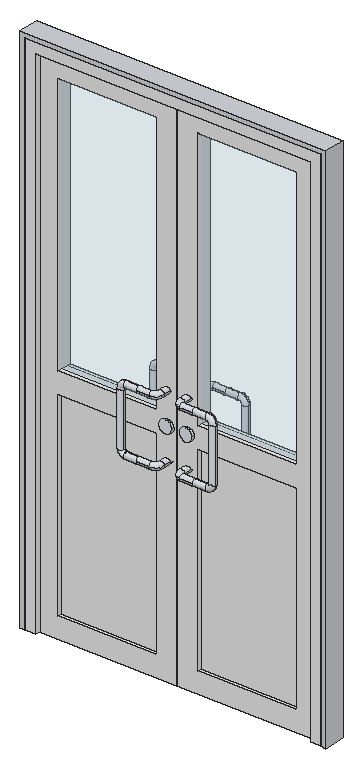
Revit family "AC_Дверь_Двупольная_ПВХ", category Двери, Revit 2019
Family settings
  Основа = Стена
  Номер OmniClass = 23.30.10.00
  Заголовок OmniClass = Doors
  Всегда вертикально = Да
  При загрузке вырезать с полостями = Нет
  Общий = Нет
  Точка расчета площади = Нет
Parameters
  Четверть_Верх [instance] = 40 mm
  Четверть [instance] = no
  Четверть_Сверху [instance] = if(Четверть, Четверть_Верх, 0 mm)  # 0 mm
  Четверть_Сбоку [instance] = if(Четверть, Четверть_Ширина, 0 mm)  # 0 mm
  Четверть_Ширина [instance] = 40 mm
  Функция = Наружные слои
  Угол плане 30 [instance] = yes
  Тип полотна двери 2 = АС-Полотно : Глухой низ
  Тип полотна двери 1 = АС-Полотно : Глухой низ
  Ручка полотна 2 = yes
  Ручка полотна 1 = yes
  Ручка двери = none
  Рама двери2_Ширина справа = 80 mm
  Рама двери2_Ширина слева = 80 mm
  Рама двери2_Ширина внизу = 80 mm
  Рама двери2_Ширина вверху = 80 mm
  Рама двери1_Ширина справа = 80 mm
  Рама двери1_Ширина слева = 80 mm
  Рама двери1_Ширина внизу = 80 mm
  Рама двери1_Ширина вверху = 80 mm
  Рама двери = none
  Равные полотна = yes
  Полотно2_Ширина = Rough Width - Полотно1_Размер - Коробка_Ширина * 2  # 550 mm
  Полотна_Высота = Rough Height - Коробка_Ширина  # 2050 mm
  Полотно1_Ширина = 400 mm
  Полотно1_Размер = if(Равные полотна, Полотна_Ширина / 2, Полотно1_Ширина)  # 550 mm
  Полотна_Ширина = Rough Width - Коробка_Ширина * 2  # 1100 mm
  Аналитическая конструкция = "<Нет>"
  ADSK_Обозначение = "ГОСТ 30970-2014"
  Наличник двери = none
  ADSK_Наименование = "ДПН О Дп Р 2080х1160"
  Монтажный зазор_Верх [instance] = 20 mm
  Коробка_Ширина = 30 mm
  Коробка_Толщина = 80 mm
  Полотно двери = none
  Остекление двери = none
  Наличник_Ширина [instance] = 60 mm
  Наличник_Толщина [instance] = 10 mm
  Наличник снаружи [instance] = no
  Наличник внутри [instance] = no
  Монтажный зазор_Справа и Слева [instance] = 20 mm
  Вставка_Четверть_Глубина [instance] = 0 mm
  Инструкция по семейству [instance] = ""
  Защитное ограждение = no
  Огибание наружных слоев [instance] = 0 mm
  Width [instance] = Rough Width + Монтажный зазор_Справа и Слева * 2  # 1200 mm
  Thickness = 60 mm
  Rough Width = 1160 mm
  Rough Height = 2080 mm
  Model = ""
  Manufacturer = ""
  Wall Closure = (empty or 0)
  Height [instance] = Rough Height + Монтажный зазор_Верх  # 2100 mm
  Описание = "Дверь ПВХ остекленная наружная входная"
  Тип конструкций = "Дверь ПВХ"
  ADSK_Этаж [instance] = ""
  ADSK_Толщина стены [instance] = 600 mm
  ADSK_Примечание [instance] = ""
  ADSK_Предел огнестойкости = ""
  ADSK_Позиция [instance] = ""
  ADSK_Открывание = if(Равные полотна, "Равные полотна", if(Полотно1_Ширина > Полотно2_Ширина, "Левая", "Правая"))  # "Равные полотна"
  ADSK_Откосы_Глубина [instance] = 520 mm
  ADSK_Наименование краткое = ""
  ADSK_Масса_Текст = ""
  ADSK_Количество [instance] = 0
  ADSK_Код изделия = ""
  ADSK_Зона [instance] = ""
  ADSK_Завод-изготовитель = ""
  ADSK_Единица измерения = ""
  ADSK_Группирование [instance] = ""
  ADSK_Версия Revit = "v2019"  # constant formula
  ADSK_URL страницы изделия = ""
  ADSK_URL документации изделия = ""
Reference planes
  plane 1: y = 0
  plane 2 "По центру (Влево/Вправо)": x = 0
  plane 3 "Слева": x = -600
  plane 4 "Справа": x = 600
  plane 5: z = 2100
  plane 6 "Наружный": y = 300
  plane 7 "Внутренние": y = -300
  plane 8 "Вставка двери": y = 300
  plane 9 "Четверть слева": x = -600
  plane 10 "Четверть справа": x = 600
  plane 11 "Четверть сверху": z = 2100
  plane 12 "Полотно двери": y = 240
  plane 13 "Рама внутри": y = 220
  plane 14 "Монтажный зазор слева": x = -580
  plane 15 "Монтажный зазор справа": x = 580
  plane 16 "Монтажный зазор сверху": z = 2080
  plane 17 "Глубина огибания наружного слоя": y = 300
  plane 18: y = 310
  plane 19: x = 590
  plane 20: y = -310
  plane 21: x = -590
  plane 22: x = -550
  plane 23: x = 550
  plane 24: z = 1025
  plane 25 "Верх полотна": z = 2050
  plane 26 "Разделение полотен": x = 0
Forms (mm)
  Extrusion 1, void
    sketch origin (0, 0, 0) x (1, 0, 0) y (0, 1, 0)
      loop
        line (600, 300) -> (-600, 300) -> (-600, -800) -> (600, -800) -> (600, 300)
    from 0 to 2100
  Extrusion 2, void
    sketch origin (0, 0, 0) x (1, 0, 0) y (0, 1, 0)
      loop
        line (600, 800) -> (-600, 800) -> (-600, 300) -> (600, 300) -> (600, 800)
    from 0 to 2100
  Sweep 3, solid, material <- "Наличник двери", visible <- "Наличник снаружи", detail levels fine
    path origin (0, 300, 0) x (1, 0, 0) y (0, 0, 1)
      loop
        line (-600, 0) -> (-600, 2100) -> (600, 2100) -> (600, 0)
    profile origin (-600, 300, 1050) x (-1, 0, 0) y (0, -1, 0)
      loop
        line (-10, 0) -> (-10, -5)
        arc (-10, -5) -> (-8.536, -8.536) -> (-5, -10) r 5
        line (-5, -10) -> (45, -10)
        arc (45, -10) -> (48.536, -8.536) -> (50, -5) r 5
        line (50, -5) -> (50, 0) -> (-10, 0)
  Sweep 4, solid, material <- "Наличник двери", visible <- "Наличник внутри", detail levels fine
    path origin (0, -300, 0) x (1, 0, 0) y (0, 0, 1)
      loop
        line (-600, 0) -> (-600, 2100) -> (600, 2100) -> (600, 0)
    profile origin (-600, -300, 1050) x (-1, 0, 0) y (0, -1, 0)
      loop
        line (-20, 0) -> (40, 0) -> (40, 5)
        arc (40, 5) -> (38.536, 8.536) -> (35, 10) r 5
        line (35, 10) -> (-15, 10)
        arc (-15, 10) -> (-18.536, 8.536) -> (-20, 5) r 5
        line (-20, 5) -> (-20, 0)
  Sweep 5, solid, material <- "Рама двери", detail levels medium+fine
    path origin (0, 300, 0) x (-1, 0, 0) y (0, 0, 1)
      loop
        line (580, 0) -> (580, 2080) -> (-580, 2080) -> (-580, 0)
    profile origin (580, 300, 1040) x (0, 1, 0) y (-1, 0, 0)
      loop
        line (0, 0) -> (0, 30) -> (-60, 30) -> (-60, 40) -> (-80, 40) -> (-80, 0) -> (0, 0)
  Sweep 6, solid, material <- "Наличник двери", visible <- "Наличник внутри", detail levels fine
    path origin (0, 220, 0) x (-1, 0, 0) y (0, 0, 1)
      loop
        line (600, 0) -> (600, 2100) -> (-600, 2100) -> (-600, 0)
    profile origin (-600, 220, 1050) x (1, 0, 0) y (0, 1, 0)
      loop
        line (0, -525) -> (20, -525) -> (20, 0) -> (0, 0) -> (0, -525)
  Sweep 7, solid, material <- "Наличник двери", visible <- "Наличник снаружи", detail levels fine
    path origin (0, 300, 0) x (-1, 0, 0) y (0, 0, 1)
      loop
        line (600, 0) -> (600, 2100) -> (-600, 2100) -> (-600, 0)
    profile origin (600, 300, 1050) x (0, 1, 0) y (-1, 0, 0)
      loop
        line (5, 0) -> (5, 10) -> (0, 10) -> (0, 0) -> (5, 0)
  Extrusion 8, solid, material <- "Рама двери", detail levels medium+fine
    sketch origin (-2514.822, 300, 1200) x (-1, 0, 0) y (0, 0, 1)
      loop
        line (-3114.822, 900) -> (-3114.822, -1200) -> (-3094.822, -1200) -> (-3094.822, 880) -> (-1934.822, 880) -> (-1934.822, -1200) -> (-1914.822, -1200) -> (-1914.822, 900) -> (-3114.822, 900)
    from 0 to -80
  Extrusion 9, solid, material <- "Полотно двери", detail levels coarse
    sketch origin (0, 0, 0) x (1, 0, 0) y (0, 1, 0)
      loop
        line (-600, 300) -> (-600, 220) -> (600, 220) -> (600, 300) -> (-600, 300)
    from 0 to 2100
Cuts and joins
  joined: Sweep 4, Sweep 6
  joined: Sweep 3, Sweep 7
Lines and regions (mm)
  Masking region 1, detail levels fine
    outline origin (0, 0, 0) x (0, 1, 0) y (0, 0, 1)
      loop
        line (220, 2040) -> (240, 2040) -> (240, 2050) -> (300, 2050) -> (300, 2080) -> (220, 2080) -> (220, 2040)
  Masking region 2, detail levels fine
    outline origin (0, 0, 0) x (0, 1, 0) y (0, 0, 1)
      loop
        line (300, 2080) -> (300, 2100) -> (220, 2100) -> (220, 2080) -> (300, 2080)
  Masking region 3, detail levels fine
    outline origin (0, 0, 0) x (0, 1, 0) y (0, 0, 1)
      loop
        line (300, 0) -> (300, 2050) -> (240, 2050) -> (240, 0) -> (300, 0)
  Masking region 4, detail levels fine
    outline origin (0, 0, 0) x (0, 1, 0) y (0, 0, 1)
      loop
        line (220, 2040) -> (220, 0) -> (240, 0) -> (240, 2040) -> (220, 2040)
  Masking region 5, detail levels coarse+medium
    outline origin (0, 0, 0) x (0, 1, 0) y (0, 0, 1)
      loop
        line (300, 0) -> (300, 2100) -> (220, 2100) -> (220, 0) -> (300, 0)
  symbolic lines, style "Открывание", detail levels medium
    curve 1: line (-550, 300, 0) -> (0, 300, 1025)
    curve 2: line (0, 300, 1025) -> (-550, 300, 2050)
  symbolic lines, style "Открывание", not visible, detail levels medium
    curve 3: line (550, 300, 0) -> (0, 300, 1025)
    curve 4: line (0, 300, 1025) -> (550, 300, 2050)
Text (mm)
  text "Наружный" at (-2295.016, 1099.543, 0), in view "Опорный уровень "
  text "Наружный" at (0, 1615.38, 3698.081), in view "Слева"
  text "Наружный" at (0, 1036.032, 3874.932), in view "Справа"
Dimensions and locks
  equal spacing: plane 14 "Монтажный зазор слева", plane 2 "По центру (Влево/Вправо)", plane 15 "Монтажный зазор справа"
  "Width": plane 3 "Слева" to plane 4 "Справа"
  "Rough Height": host wall to plane 16 "Монтажный зазор сверху"
  "Height": host wall to plane 5
  locked: plane 6 "Наружный" to host wall at 0
  locked: plane 7 "Внутренние" to host wall
  locked: Extrusion 1 sketch curve to plane 7 "Внутренние" at 500
  "Четверть_Сбоку": plane 3 "Слева" to plane 9 "Четверть слева"
  "Четверть_Сбоку": plane 10 "Четверть справа" to plane 4 "Справа"
  "Четверть_Сверху": plane 11 "Четверть сверху" to plane 5
  locked: plane 6 "Наружный" to Extrusion 2 sketch curve at 500
  "Вставка_Четверть_Глубина": plane 6 "Наружный" to plane 8 "Вставка двери"
  "Наличник_Ширина": Sweep 3 sketch curve to plane 21
  "Коробка_Толщина": plane 8 "Вставка двери" to plane 13 "Рама внутри"
  "Thickness": plane 8 "Вставка двери" to plane 12 "Полотно двери"
  "Огибание наружных слоев": plane 6 "Наружный" to plane 17 "Глубина огибания наружного слоя"
  "Наличник_Ширина": Sweep 4 sketch curve to Sweep 4 sketch curve
  locked: Sweep 4 sketch curve to Sweep 4 sketch curve at 5  (x4)
  locked: Sweep 3 sketch curve to Sweep 3 sketch curve at 5
  "Коробка_Ширина": Sweep 5 sketch curve to profile plane
  locked: Sweep 5 sketch curve to Sweep 5 sketch curve at 10
  locked: Sweep 6 sketch curve to plane 20 at 5
  "Наличник_Толщина": plane 7 "Внутренние" to plane 20
  "Наличник_Толщина": plane 18 to plane 6 "Наружный"
  "Наличник_Толщина": plane 9 "Четверть слева" to plane 21
  "Наличник_Толщина": plane 19 to plane 10 "Четверть справа"
  locked: plane 18 to Sweep 3 sketch curve at 5  (x2)
  locked: Sweep 3 sketch curve to plane 21 at 5
  locked: plane 18 to Sweep 7 sketch curve at 5
  "ADSK_Откосы_Глубина": plane 7 "Внутренние" to plane 13 "Рама внутри"
  equal spacing: plane 3 "Слева", plane 2 "По центру (Влево/Вправо)", plane 4 "Справа"
  "Rough Width": plane 14 "Монтажный зазор слева" to plane 15 "Монтажный зазор справа"
  "Коробка_Ширина": plane 14 "Монтажный зазор слева" to plane 22
  "Коробка_Ширина": plane 23 to plane 15 "Монтажный зазор справа"
  equal spacing: level, plane 24, plane 25 "Верх полотна"
  "Коробка_Ширина": plane 25 "Верх полотна" to plane 16 "Монтажный зазор сверху"
  "Полотно1_Размер": plane 26 "Разделение полотен" to plane 23
  "ADSK_Толщина стены": host wall to host wall
  aligned and locked: plane 1 to host wall
  aligned and locked: plane 8 "Вставка двери" to Extrusion 1 sketch curve
  aligned and locked: plane 3 "Слева" to Extrusion 1 sketch curve
  aligned and locked: Extrusion 1 sketch curve to plane 4 "Справа"
  aligned and locked: Extrusion 1 to level
  aligned and locked: Extrusion 1 to plane 5
  aligned and locked: Extrusion 2 sketch curve to plane 8 "Вставка двери"
  aligned and locked: plane 10 "Четверть справа" to Extrusion 2 sketch curve
  aligned and locked: Extrusion 2 sketch curve to plane 9 "Четверть слева"
  aligned and locked: Extrusion 2 to level
  aligned and locked: plane 11 "Четверть сверху" to Extrusion 2
  aligned and locked: plane 9 "Четверть слева" to Sweep 3 sketch curve
  aligned and locked: plane 11 "Четверть сверху" to Sweep 3 sketch curve
  aligned and locked: plane 10 "Четверть справа" to Sweep 3 sketch curve
  aligned and locked: Sweep 4 sketch curve to plane 3 "Слева"
  aligned and locked: Sweep 4 sketch curve to plane 5
  aligned and locked: Sweep 4 sketch curve to plane 4 "Справа"
  aligned and locked: level to Sweep 4 sketch curve  (x2)
  aligned and locked: Sweep 4 sketch curve to plane 7 "Внутренние"
  aligned and locked: Sweep 5 sketch curve to plane 15 "Монтажный зазор справа"
  aligned and locked: Sweep 5 sketch curve to plane 16 "Монтажный зазор сверху"
  aligned and locked: Sweep 5 sketch curve to plane 14 "Монтажный зазор слева"
  aligned and locked: level to Sweep 5 sketch curve  (x2)
  aligned and locked: profile plane to Sweep 5 sketch curve
  aligned and locked: plane 13 "Рама внутри" to Sweep 5 sketch curve
  aligned and locked: plane 8 "Вставка двери" to Sweep 5 sketch curve
  aligned and locked: plane 12 "Полотно двери" to Sweep 5 sketch curve
  aligned and locked: Sweep 4 sketch curve to plane 14 "Монтажный зазор слева"
  aligned and locked: plane 3 "Слева" to Sweep 6 sketch curve
  aligned and locked: plane 5 to Sweep 6 sketch curve
  aligned and locked: plane 4 "Справа" to Sweep 6 sketch curve
  aligned and locked: level to Sweep 6 sketch curve  (x2)
  aligned and locked: Sweep 6 sketch curve to plane 3 "Слева"
  aligned and locked: Sweep 6 sketch curve to plane 14 "Монтажный зазор слева"
  aligned and locked: Sweep 6 sketch curve to plane 13 "Рама внутри"
  aligned and locked: profile plane to Sweep 3 sketch curve
  aligned and locked: level to Sweep 7 sketch curve  (x2)
  aligned and locked: Sweep 7 sketch curve to plane 11 "Четверть сверху"
  aligned and locked: plane 10 "Четверть справа" to Sweep 7 sketch curve  (x2)
  aligned and locked: plane 9 "Четверть слева" to Sweep 7 sketch curve
  aligned and locked: plane 8 "Вставка двери" to Sweep 7 sketch curve
  aligned and locked: plane 20 to Sweep 4 sketch curve
  aligned and locked: plane 18 to Sweep 3 sketch curve
  aligned and locked: Sweep 7 sketch curve to plane 19
  aligned and locked: Masking region 1 sketch curve to Sweep 5  (x2)
  aligned and locked: plane 12 "Полотно двери" to Masking region 1 sketch curve
  aligned and locked: plane 13 "Рама внутри" to Masking region 1 sketch curve
  aligned and locked: plane 8 "Вставка двери" to Masking region 1 sketch curve
  aligned and locked: plane 16 "Монтажный зазор сверху" to Masking region 1 sketch curve
  aligned and locked: plane 8 "Вставка двери" to Masking region 2 sketch curve
  aligned and locked: plane 13 "Рама внутри" to Masking region 2 sketch curve
  aligned and locked: plane 16 "Монтажный зазор сверху" to Masking region 2 sketch curve
  aligned and locked: plane 5 to Masking region 2 sketch curve
  aligned and locked: plane 8 "Вставка двери" to Masking region 3 sketch curve
  aligned and locked: plane 12 "Полотно двери" to Masking region 3 sketch curve
  aligned and locked: level to Masking region 3 sketch curve
  aligned and locked: Masking region 3 sketch curve to Sweep 5
  aligned and locked: Masking region 4 sketch curve to Sweep 5
  aligned and locked: plane 13 "Рама внутри" to Masking region 4 sketch curve
  aligned and locked: plane 12 "Полотно двери" to Masking region 4 sketch curve
  aligned and locked: level to Masking region 4 sketch curve
  aligned and locked: plane 8 "Вставка двери" to Masking region 5 sketch curve
  aligned and locked: plane 13 "Рама внутри" to Masking region 5 sketch curve
  aligned and locked: plane 5 to Masking region 5 sketch curve
  aligned and locked: level to Masking region 5 sketch curve
  aligned and locked: Extrusion 8 sketch curve to plane 4 "Справа"
  aligned and locked: Extrusion 8 sketch curve to plane 3 "Слева"
  aligned and locked: Extrusion 8 sketch curve to plane 5
  aligned and locked: Extrusion 8 sketch curve to plane 16 "Монтажный зазор сверху"
  aligned and locked: Extrusion 8 sketch curve to plane 14 "Монтажный зазор слева"
  aligned and locked: Extrusion 8 sketch curve to plane 15 "Монтажный зазор справа"
  aligned and locked: Extrusion 8 sketch curve to level
  aligned and locked: Extrusion 8 to plane 13 "Рама внутри"
  aligned and locked: plane 8 "Вставка двери" to Extrusion 8
  aligned and locked: Extrusion 9 sketch curve to plane 8 "Вставка двери"
  aligned and locked: Extrusion 9 sketch curve to plane 13 "Рама внутри"
  aligned and locked: Extrusion 9 sketch curve to plane 4 "Справа"
  aligned and locked: Extrusion 9 sketch curve to plane 3 "Слева"
  aligned and locked: Extrusion 9 to level
  aligned and locked: Extrusion 9 to plane 5
  aligned and locked: curve 3 to Sweep 5
  aligned and locked: Sweep 5 to curve 1
  aligned and locked: plane 25 "Верх полотна" to curve 2
  aligned and locked: plane 25 "Верх полотна" to curve 4
  aligned and locked: level to curve 1
  aligned and locked: level to curve 3
  aligned and locked: nested 1 to plane 8 "Вставка двери"
  aligned and locked: nested 1 to plane 4 "Справа"
  aligned and locked: plane 8 "Вставка двери" to nested 2
  aligned and locked: nested 2 to plane 3 "Слева"
  aligned and locked: plane 26 "Разделение полотен" to curve 2
  aligned and locked: plane 24 to curve 1
  aligned and locked: nested 3 to plane 8 "Вставка двери"
  aligned and locked: nested 3 to plane 23
  aligned and locked: plane 26 "Разделение полотен" to nested 3
  aligned and locked: nested 4 to plane 22
  aligned and locked: plane 26 "Разделение полотен" to nested 4
  aligned and locked: nested 4 to plane 8 "Вставка двери"
  aligned and locked: nested 5 to plane 8 "Вставка двери"
  aligned and locked: plane 26 "Разделение полотен" to nested 5
  aligned and locked: plane 8 "Вставка двери" to nested 6
  aligned and locked: plane 26 "Разделение полотен" to nested 6
Automatic sketch dimensions
  Sweep 3 sketch curve to level = 0 mm  (x2)
  Extrusion 8 sketch curve to level = 0 mm
  plane 23 to curve 4 = 0 mm
  plane 22 to curve 2 = 0 mm
Nested families
  nested 1: "АС-Обозначение на плане двупольная" at (600, 300, 0), Rough Width <- "Полотно1_Размер", Монтажный зазор.Ширина сбоку <- "Монтажный зазор_Справа и Слева", Коробка.Ширина <- "Коробка_Ширина", Коробка.Толщина <- "Коробка_Толщина", Thickness <- "Thickness", Height <- "Height", type "АС-Стандарт"
    with Монтажный зазор.Ширина сбоку 20 mm, Коробка.Ширина 30 mm, Коробка.Толщина 80 mm, Width 600 mm, Thickness 60 mm, Rough Width 550 mm, Height 2100 mm
  nested 2: "АС-Обозначение на плане двупольная" at (-600, 300, 0) x (-1, 0, 0) z (0, 0, 1), Rough Width <- "Полотно2_Ширина", Монтажный зазор.Ширина сбоку <- "Монтажный зазор_Справа и Слева", Коробка.Ширина <- "Коробка_Ширина", Коробка.Толщина <- "Коробка_Толщина", Thickness <- "Thickness", Height <- "Height", type "АС-Стандарт"
    with Монтажный зазор.Ширина сбоку 20 mm, Коробка.Ширина 30 mm, Коробка.Толщина 80 mm, Width 600 mm, Thickness 60 mm, Rough Width 550 mm, Height 2100 mm
  nested 3: "АС-Полотно" at (275, 300, 0), Рама.Ширина справа <- "Рама двери1_Ширина справа", Рама.Ширина слева <- "Рама двери1_Ширина слева", Рама.Ширина внизу <- "Рама двери1_Ширина внизу", Рама.Ширина вверху <- "Рама двери1_Ширина вверху", Полотно двери.Ширина <- "Полотно1_Размер", Полотно двери.Толщина <- "Thickness", Полотно двери.Высота <- "Полотна_Высота", type <- "Тип полотна двери 1", Фурнитура <- "Ручка двери", Полотно двери <- "Полотно двери", Остекление двери <- "Остекление двери", Защитные ограждения <- "Защитное ограждение", type "Глухой низ"
    with Фурнитура none, Рама.Ширина справа 80 mm, Рама.Ширина слева 80 mm, Рама.Ширина внизу 80 mm, Рама.Ширина вверху 80 mm, Полотно двери.Ширина 550 mm, Полотно двери.Толщина 60 mm, Полотно двери.Высота 2050 mm, Полотно двери none, Остекление двери none, Защитные ограждения no
  nested 4: "АС-Полотно" at (-275, 300, 0), Рама.Ширина справа <- "Рама двери2_Ширина справа", Рама.Ширина слева <- "Рама двери2_Ширина слева", Рама.Ширина внизу <- "Рама двери2_Ширина внизу", Рама.Ширина вверху <- "Рама двери2_Ширина вверху", Полотно двери.Ширина <- "Полотно2_Ширина", Полотно двери.Толщина <- "Thickness", Полотно двери.Высота <- "Полотна_Высота", type <- "Тип полотна двери 2", Фурнитура <- "Ручка двери", Полотно двери <- "Полотно двери", Остекление двери <- "Остекление двери", Защитные ограждения <- "Защитное ограждение", type "Глухой низ"
    with Фурнитура none, Рама.Ширина справа 80 mm, Рама.Ширина слева 80 mm, Рама.Ширина внизу 80 mm, Рама.Ширина вверху 80 mm, Полотно двери.Ширина 550 mm, Полотно двери.Толщина 60 mm, Полотно двери.Высота 2050 mm, Полотно двери none, Остекление двери none, Защитные ограждения no
  nested 5: "АС-Ручка двери" at (0, 300, 0), Ручка двери <- "Ручка двери", Полотно двери.Толщина <- "Thickness", visible <- "Ручка полотна 1", type "АС-Стандарт"
    with Ручка двери none, Полотно двери.Толщина 60 mm, Отступ ручки от края 40 mm, Высота расположения ручки 1025 mm
  nested 6: "АС-Ручка двери" at (0, 300, 0) x (-1, 0, 0) z (0, 0, 1), Ручка двери <- "Ручка двери", Полотно двери.Толщина <- "Thickness", visible <- "Ручка полотна 2", type "АС-Стандарт"
    with Ручка двери none, Полотно двери.Толщина 60 mm, Отступ ручки от края 40 mm, Высота расположения ручки 1025 mm
Definition of nested family "АС-Полотно"
  Parameters (values of type "Остекленное")
    Фурнитура [instance] = none
    Рама.Ширина справа [instance] = 80 mm
    Рама.Ширина слева [instance] = 80 mm
    Рама.Ширина внизу [instance] = 80 mm
    Рама.Ширина вверху [instance] = 80 mm
    Остекленное = not(or(Глухой низ, Глухое))  # yes
    Полотно двери.Ширина [instance] = 1000 mm
    Полотно двери.Толщина [instance] = 60 mm
    Полотно двери.Высота [instance] = 2400 mm
    Полотно двери [instance] = none
    Защитные ограждения [instance] = no
    Глухой низ = no
    Остекление двери [instance] = none
    Default Elevation = 0 mm
    Глухое = no
    Analytic Construction = "<Нет>"
  Types (3, lengths in mm): name | Остекленное | Полотно двери.Ширина | Полотно двери.Высота | Глухой низ | Глухое
    Глухой низ | no | 900 | 2100 | yes | no
    Остекленное | yes | 1000 | 2400 | no | no
    Глухое | no | 900 | 2100 | no | yes
  Reference planes
    plane 1 "Center (Front/Back)": y = 0
    plane 2: z = 0
    plane 3 "Center (Left/Right)": x = 0
    plane 4: x = -500
    plane 5: x = 500
    plane 6 "Back": y = -60
    plane 7: z = 2400
    plane 8 "Остекление снаружи": y = -15
    plane 9 "Остекление внутри": y = -45
    plane 10 "Ширина рамы справа": x = -420
    plane 11 "Ширина рамы слева": x = 420
    plane 12 "Ширина рамы внизу": z = 80
    plane 13 "Ширина рамы вверху": z = 2320
    plane 14: z = 350
    plane 15: z = 500
    plane 16: z = 650
  Forms (mm)
    Extrusion 1, solid, material <- "Полотно двери", detail levels medium+fine
      sketch origin (0, 0, 0) x (1, 0, 0) y (0, 0, 1)
        loop
          line (-500, 2400) -> (-500, 0) -> (500, 0) -> (500, 2400) -> (-500, 2400)
        loop
          line (-420, 2320) -> (-420, 940) -> (420, 940) -> (420, 2320) -> (-420, 2320)
        loop
          line (-420, 80) -> (420, 80) -> (420, 860) -> (-420, 860) -> (-420, 80)
      from 0 to 60 <- "Полотно двери.Толщина"
    Extrusion 2, solid, material <- "Остекление двери", visible <- "Остекленное", detail levels medium+fine
      sketch origin (-646.608, -15, 1200) x (-1, 0, 0) y (0, 0, 1)
        loop
          line (-226.608, 1120) -> (-1066.608, 1120) -> (-1066.608, -1120) -> (-226.608, -1120) -> (-226.608, 1120)
      from 0 to -30
    Extrusion 3, solid, material <- "Остекление двери", visible <- "Глухой низ", detail levels medium+fine
      sketch origin (-646.608, -15, 1200) x (-1, 0, 0) y (0, 0, 1)
        loop
          line (-226.608, 1120) -> (-1066.608, 1120) -> (-1066.608, -260) -> (-226.608, -260) -> (-226.608, 1120)
      from 0 to -30
    Extrusion 4, solid, material <- "Полотно двери", visible <- "Глухой низ", detail levels medium+fine
      sketch origin (-646.608, -15, 1200) x (-1, 0, 0) y (0, 0, 1)
        loop
          line (-226.608, -340) -> (-1066.608, -340) -> (-1066.608, -1120) -> (-226.608, -1120) -> (-226.608, -340)
      from 0 to -30
    Extrusion 5, solid, material <- "Полотно двери", visible <- "Глухое", detail levels medium+fine
      sketch origin (0, 0, 0) x (1, 0, 0) y (0, 0, 1)
        loop
          line (-420, 2320) -> (-420, 80) -> (420, 80) -> (420, 2320) -> (-420, 2320)
      from 15 to 45
    Sweep 6, solid, material <- "Фурнитура", visible <- "Защитные ограждения", detail levels medium+fine
      path origin (-858.179, -1524, 650) x (-1, 0, 0) y (0, -1, 0)
        loop
          arc (-408.179, -1449) -> (-412.572, -1438.393) -> (-423.179, -1434) r 15
          line (-423.179, -1434) -> (-1293.179, -1434)
          arc (-1293.179, -1434) -> (-1303.785, -1438.393) -> (-1308.179, -1449) r 15
          line (-1308.179, -1449) -> (-1308.179, -1539)
          arc (-1308.179, -1539) -> (-1303.785, -1549.607) -> (-1293.179, -1554) r 15
          line (-1293.179, -1554) -> (-423.179, -1554)
          arc (-423.179, -1554) -> (-412.572, -1549.607) -> (-408.179, -1539) r 15
          line (-408.179, -1539) -> (-408.179, -1449)
      profile origin (-450, -30, 650) x (-1, 0, 0) y (0, 0, 1)
        loop
          circle (0, 0) r 10
    Sweep 7, solid, material <- "Фурнитура", visible <- "Защитные ограждения", detail levels medium+fine
      path origin (-832.344, -1524, 500) x (-1, 0, 0) y (0, -1, 0)
        loop
          arc (-382.344, -1449) -> (-386.737, -1438.393) -> (-397.344, -1434) r 15
          line (-397.344, -1434) -> (-1267.344, -1434)
          arc (-1267.344, -1434) -> (-1277.951, -1438.393) -> (-1282.344, -1449) r 15
          line (-1282.344, -1449) -> (-1282.344, -1539)
          arc (-1282.344, -1539) -> (-1277.951, -1549.607) -> (-1267.344, -1554) r 15
          line (-1267.344, -1554) -> (-397.344, -1554)
          arc (-397.344, -1554) -> (-386.737, -1549.607) -> (-382.344, -1539) r 15
          line (-382.344, -1539) -> (-382.344, -1449)
      profile origin (-450, -30, 500) x (-1, 0, 0) y (0, 0, 1)
        loop
          circle (0, 0) r 10
    Sweep 8, solid, material <- "Фурнитура", visible <- "Защитные ограждения", detail levels medium+fine
      path origin (-812.323, -1524, 350) x (-1, 0, 0) y (0, -1, 0)
        loop
          arc (-362.323, -1449) -> (-366.716, -1438.393) -> (-377.323, -1434) r 15
          line (-377.323, -1434) -> (-1247.323, -1434)
          arc (-1247.323, -1434) -> (-1257.93, -1438.393) -> (-1262.323, -1449) r 15
          line (-1262.323, -1449) -> (-1262.323, -1539)
          arc (-1262.323, -1539) -> (-1257.93, -1549.607) -> (-1247.323, -1554) r 15
          line (-1247.323, -1554) -> (-377.323, -1554)
          arc (-377.323, -1554) -> (-366.716, -1549.607) -> (-362.323, -1539) r 15
          line (-362.323, -1539) -> (-362.323, -1449)
      profile origin (-450, -30, 350) x (-1, 0, 0) y (0, 0, 1)
        loop
          circle (0, 0) r 10
  Dimensions and locks
    "Полотно двери.Толщина": plane 1 "Center (Front/Back)" to plane 6 "Back"
    equal spacing: plane 4, plane 3 "Center (Left/Right)", plane 5
    "Полотно двери.Ширина": plane 4 to plane 5
    "Полотно двери.Высота": plane 7 to plane 2
    locked: plane 9 "Остекление внутри" to plane 6 "Back" at 15
    locked: plane 1 "Center (Front/Back)" to plane 8 "Остекление снаружи" at 15
    "Рама.Ширина вверху": plane 7 to plane 13 "Ширина рамы вверху"
    "Рама.Ширина внизу": plane 12 "Ширина рамы внизу" to plane 2
    "Рама.Ширина справа": plane 5 to plane 11 "Ширина рамы слева"
    "Рама.Ширина слева": plane 10 "Ширина рамы справа" to plane 4
    plane 7 to plane 2 = 2400 mm
    locked: Extrusion 1 sketch curve to plane 2 at 860
    locked: Extrusion 1 sketch curve to Extrusion 1 sketch curve at 80
    locked: plane 16 to plane 2 at 650
    plane 16 to plane 15 to plane 14 = 150 mm locked, 150 mm locked
    locked: Sweep 6 sketch curve to profile plane at 0
    locked: profile plane to Sweep 6 sketch curve at 0
    locked: Sweep 6 sketch curve to Sweep 6 sketch curve at 15  (x8)
    locked: Sweep 6 sketch curve to plane 10 "Ширина рамы справа" at 30
    locked: plane 11 "Ширина рамы слева" to Sweep 6 sketch curve at 30
    locked: plane 1 "Center (Front/Back)" to Sweep 6 sketch curve at 30
    locked: plane 6 "Back" to Sweep 6 sketch curve at 30
    locked: Sweep 7 sketch curve to profile plane at 0
    locked: profile plane to Sweep 7 sketch curve at 0
    locked: Sweep 7 sketch curve to Sweep 7 sketch curve at 15  (x8)
    locked: Sweep 7 sketch curve to plane 10 "Ширина рамы справа" at 30
    locked: plane 11 "Ширина рамы слева" to Sweep 7 sketch curve at 30
    locked: plane 1 "Center (Front/Back)" to Sweep 7 sketch curve at 30
    locked: plane 6 "Back" to Sweep 7 sketch curve at 30
    locked: Sweep 8 sketch curve to profile plane at 0
    locked: profile plane to Sweep 8 sketch curve at 0
    locked: Sweep 8 sketch curve to Sweep 8 sketch curve at 15  (x8)
    locked: Sweep 8 sketch curve to plane 10 "Ширина рамы справа" at 30
    locked: plane 11 "Ширина рамы слева" to Sweep 8 sketch curve at 30
    locked: plane 6 "Back" to Sweep 8 sketch curve at 30
    locked: plane 1 "Center (Front/Back)" to Sweep 8 sketch curve at 30
    aligned and locked: level to plane 2
    aligned and locked: Extrusion 1 sketch curve to plane 7
    aligned and locked: plane 4 to Extrusion 1 sketch curve
    aligned and locked: plane 2 to Extrusion 1 sketch curve
    aligned and locked: Extrusion 1 sketch curve to plane 5
    aligned and locked: Extrusion 1 to plane 1 "Center (Front/Back)"
    aligned and locked: Extrusion 1 to plane 6 "Back"
    aligned and locked: Extrusion 2 sketch curve to plane 10 "Ширина рамы справа"
    aligned and locked: Extrusion 2 sketch curve to plane 11 "Ширина рамы слева"
    aligned and locked: plane 13 "Ширина рамы вверху" to Extrusion 2 sketch curve
    aligned and locked: plane 12 "Ширина рамы внизу" to Extrusion 2 sketch curve
    aligned and locked: Extrusion 2 to plane 8 "Остекление снаружи"
    aligned and locked: Extrusion 2 to plane 9 "Остекление внутри"
    aligned and locked: Extrusion 1 sketch curve to plane 10 "Ширина рамы справа"
    aligned and locked: Extrusion 1 sketch curve to plane 11 "Ширина рамы слева"
    aligned and locked: Extrusion 1 sketch curve to plane 13 "Ширина рамы вверху"
    aligned and locked: Extrusion 1 sketch curve to plane 12 "Ширина рамы внизу"
    aligned and locked: Extrusion 3 sketch curve to plane 10 "Ширина рамы справа"
    aligned and locked: Extrusion 3 sketch curve to plane 11 "Ширина рамы слева"
    aligned and locked: plane 13 "Ширина рамы вверху" to Extrusion 3 sketch curve
    aligned and locked: Extrusion 3 sketch curve to Extrusion 1
    aligned and locked: Extrusion 3 to plane 8 "Остекление снаружи"
    aligned and locked: Extrusion 3 to plane 9 "Остекление внутри"
    aligned and locked: plane 10 "Ширина рамы справа" to Extrusion 4 sketch curve
    aligned and locked: plane 11 "Ширина рамы слева" to Extrusion 4 sketch curve
    aligned and locked: plane 12 "Ширина рамы внизу" to Extrusion 4 sketch curve
    aligned and locked: Extrusion 4 sketch curve to Extrusion 1
    aligned and locked: Extrusion 4 to plane 8 "Остекление снаружи"
    aligned and locked: Extrusion 4 to plane 9 "Остекление внутри"
    aligned and locked: Extrusion 5 sketch curve to plane 13 "Ширина рамы вверху"
    aligned and locked: plane 12 "Ширина рамы внизу" to Extrusion 5 sketch curve
    aligned and locked: plane 10 "Ширина рамы справа" to Extrusion 5 sketch curve
    aligned and locked: Extrusion 5 sketch curve to plane 11 "Ширина рамы слева"
    aligned and locked: plane 8 "Остекление снаружи" to Extrusion 5
    aligned and locked: Extrusion 5 to plane 9 "Остекление внутри"
  Automatic sketch dimensions
    Extrusion 1 sketch curve to plane 10 "Ширина рамы справа" = 0 mm
    Extrusion 1 sketch curve to plane 11 "Ширина рамы слева" = 0 mm
    radius of Sweep 6 sketch curve = 10 mm
    radius of Sweep 7 sketch curve = 10 mm
    radius of Sweep 8 sketch curve = 10 mm
Definition of nested family "АС-Ручка двери"
  Parameters
    Ручка двери [instance] = none
    Полотно двери.Толщина [instance] = 90 mm
    Отступ ручки от края = 90 mm
    Высота расположения ручки = 900 mm
    Default Elevation = 0 mm
  Reference planes
    plane 1 "Наружная сторона полотна": y = 0
    plane 2: z = 0
    plane 3 "Край полотна": x = 0
    plane 4 "Вертикаль расположения": x = 90
    plane 5 "Горизонталь расположения": z = 900
    plane 6 "Внутренняя сторона полотна": y = -90
    plane 7: z = 650
    plane 8: y = 50
    plane 9: y = -140
  Forms (mm)
    Sweep 1, solid, material <- "Ручка двери", detail levels fine
      path origin (0, 0, 900) x (1, 0, 0) y (0, 1, 0)
        loop
          line (160, 50) -> (110, 50)
          arc (110, 50) -> (95.858, 44.142) -> (90, 30) r 20
          line (90, 30) -> (90, -120)
          arc (90, -120) -> (95.858, -134.142) -> (110, -140) r 20
          line (110, -140) -> (160, -140)
      profile origin (90, -45, 900) x (1, 0, 0) y (0, 0, 1)
        loop
          circle (0, 0) r 12
    Extrusion 2, solid, material <- "Ручка двери", detail levels fine
      sketch origin (0, 0, 0) x (1, 0, 0) y (0, 0, 1)
        loop
          circle (90, 775) r 25
      from 98 to -8
    Sweep 3, solid, material <- "Ручка двери", detail levels fine
      path origin (592.846, -30.48, 650) x (1, 0, 0) y (0, 1, 0)
        loop
          line (-432.846, 80.48) -> (-482.846, 80.48)
          arc (-482.846, 80.48) -> (-496.988, 74.622) -> (-502.846, 60.48) r 20
          line (-502.846, 60.48) -> (-502.846, -89.52)
          arc (-502.846, -89.52) -> (-496.988, -103.662) -> (-482.846, -109.52) r 20
          line (-482.846, -109.52) -> (-432.846, -109.52)
      profile origin (90, -45, 650) x (1, 0, 0) y (0, 0, 1)
        loop
          circle (0, 0) r 12
    Sweep 4, solid, material <- "Ручка двери", detail levels fine
      path origin (160, 50, 1200) x (1, 0, 0) y (0, 0, 1)
        loop
          line (0, -300) -> (50, -300)
          arc (50, -300) -> (64.142, -305.858) -> (70, -320) r 20
          line (70, -320) -> (70, -530)
          arc (70, -530) -> (64.142, -544.142) -> (50, -550) r 20
          line (50, -550) -> (0, -550)
      profile origin (185, 50, 900) x (0, 0, 1) y (0, -1, 0)
        loop
          circle (0, 0) r 12
    Sweep 5, solid, material <- "Ручка двери", detail levels fine
      path origin (160, -140, 1200) x (1, 0, 0) y (0, 0, 1)
        loop
          line (0, -300) -> (50, -300)
          arc (50, -300) -> (64.142, -305.858) -> (70, -320) r 20
          line (70, -320) -> (70, -530)
          arc (70, -530) -> (64.142, -544.142) -> (50, -550) r 20
          line (50, -550) -> (0, -550)
      profile origin (185, -140, 900) x (0, 0, 1) y (0, -1, 0)
        loop
          circle (0, 0) r 12
  Cuts and joins
    joined: Sweep 1, Sweep 3, Sweep 4, Sweep 5
  Dimensions and locks
    "Отступ ручки от края": plane 3 "Край полотна" to plane 4 "Вертикаль расположения"
    "Высота расположения ручки": plane 5 "Горизонталь расположения" to level
    "Полотно двери.Толщина": plane 1 "Наружная сторона полотна" to plane 6 "Внутренняя сторона полотна"
    locked: plane 1 "Наружная сторона полотна" to Extrusion 2 at 8
    locked: plane 6 "Внутренняя сторона полотна" to Extrusion 2 at 8
    locked: Extrusion 2 sketch curve to plane 5 "Горизонталь расположения" at 125
    locked: Extrusion 2 sketch curve to plane 4 "Вертикаль расположения"
    locked: plane 1 "Наружная сторона полотна" to Sweep 1 sketch curve at 50
    locked: plane 6 "Внутренняя сторона полотна" to Sweep 1 sketch curve at 50
    locked: plane 4 "Вертикаль расположения" to Sweep 1 sketch curve at 70  (x2)
    locked: Sweep 1 sketch curve to plane 5 "Горизонталь расположения"
    locked: plane 4 "Вертикаль расположения" to Sweep 1 sketch curve at 0
    locked: plane 1 "Наружная сторона полотна" to Sweep 3 sketch curve at 50
    locked: plane 6 "Внутренняя сторона полотна" to Sweep 3 sketch curve at 50
    locked: plane 4 "Вертикаль расположения" to Sweep 3 sketch curve at 70  (x2)
    locked: plane 7 to plane 5 "Горизонталь расположения" at 250
    locked: plane 8 to plane 1 "Наружная сторона полотна" at 50
    locked: plane 9 to plane 6 "Внутренняя сторона полотна" at 50
    locked: Sweep 4 sketch curve to plane 4 "Вертикаль расположения" at 140
    locked: Sweep 5 sketch curve to plane 4 "Вертикаль расположения" at 140
    aligned and locked: Sweep 1 sketch curve to plane 4 "Вертикаль расположения"
    aligned and locked: Sweep 3 sketch curve to plane 4 "Вертикаль расположения"
    aligned and locked: plane 7 to Sweep 4 sketch curve
    aligned and locked: plane 5 "Горизонталь расположения" to Sweep 4 sketch curve
    aligned and locked: plane 5 "Горизонталь расположения" to Sweep 5 sketch curve
    aligned and locked: plane 7 to Sweep 5 sketch curve
  Automatic sketch dimensions
    plane 4 "Вертикаль расположения" to Sweep 1 sketch curve = 20 mm  (x2)
    plane 4 "Вертикаль расположения" to Sweep 3 sketch curve = 20 mm  (x2)
    Sweep 3 sketch curve to plane 7 = 0 mm
    profile plane to Sweep 3 sketch curve = 0 mm
    Sweep 4 sketch curve to Sweep 4 sketch curve = 20 mm
    Sweep 4 sketch curve to plane 5 "Горизонталь расположения" = 20 mm
    Sweep 4 sketch curve to Sweep 4 sketch curve = 50 mm  (x2)
    Sweep 4 sketch curve to plane 8 = 0 mm
    profile plane to Sweep 4 sketch curve = 0 mm
    profile plane to Sweep 5 sketch curve = 0 mm
    Sweep 5 sketch curve to profile plane = 0 mm
    plane 4 "Вертикаль расположения" to Sweep 5 sketch curve = 70 mm
    Sweep 5 sketch curve to Sweep 5 sketch curve = 50 mm  (x2)
    Sweep 5 sketch curve to plane 5 "Горизонталь расположения" = 20 mm
    radius of Sweep 1 sketch curve = 12 mm
    radius of Extrusion 2 sketch curve = 25 mm
    radius of Sweep 3 sketch curve = 12 mm
    radius of Sweep 4 sketch curve = 12 mm
    radius of Sweep 5 sketch curve = 12 mm
Definition of nested family "АС-Обозначение на плане двупольная"
  Parameters
    Открывание двери 90 = not(Открывание двери 30)  # no
    Открывание двери 30 = yes
    Монтажный зазор.Ширина сбоку [instance] = 20 mm
    Линия открывания (дуга) = not(Открывание двери 30)  # no
    Коробка.Ширина [instance] = 40 mm
    Коробка.Толщина [instance] = 80 mm
    Width [instance] = Rough Width + Коробка.Ширина + Монтажный зазор.Ширина сбоку  # 960 mm
    Thickness [instance] = 40 mm
    Rough Width [instance] = 900 mm
    Height [instance] = 2100 mm
    Default Elevation = 0 mm
  Reference planes
    plane 1 "Center (Front/Back)": y = 0
    plane 2: z = 0
    plane 3 "Center (Left/Right)": x = 0
    plane 4 "Полотно справа": x = -20
    plane 5 "Полотно. Внутренняя сторона": y = -40
    plane 6 "Коробка. Внутренняя сторона": y = -80
    plane 7 "Коробка.Внутренняя сторона слева": x = -960
    plane 8 "Коробка. Внутренняя сторона справа": x = -60
  Lines and regions (mm)
    Masking region 1, detail levels fine
      outline origin (0, 0, 0) x (1, 0, 0) y (0, 1, 0)
        loop
          line (0, -80) -> (0, 0) -> (-20, 0) -> (-20, -80) -> (0, -80)
    Masking region 2, detail levels fine
      outline origin (0, 0, 0) x (1, 0, 0) y (0, 1, 0)
        loop
          line (-20, 0) -> (-60, 0) -> (-60, -40) -> (-70, -40) -> (-70, -80) -> (-20, -80) -> (-20, 0)
    Masking region 3, visible <- "Открывание двери 90", detail levels fine
      outline origin (0, 0, 0) x (1, 0, 0) y (0, 1, 0)
        loop
          line (-60, 0) -> (-60, 900) -> (-100, 900) -> (-100, 0) -> (-60, 0)
    Masking region 4, visible <- "Открывание двери 30", detail levels fine
      outline origin (0, 0, 0) x (1, 0, 0) y (0, 1, 0)
        loop
          line (-60, 0) -> (-839.423, 450) -> (-859.423, 415.359) -> (-80, -34.641) -> (-60, 0)
    symbolic lines, visible <- "Открывание двери 30", detail levels coarse+medium
      curve 1: line (0, 0, 0) -> (-831.384, 480, 0)
    symbolic lines, visible <- "Открывание двери 90", detail levels coarse+medium
      curve 2: line (0, 0, 0) -> (0, 960, 0)
    symbolic lines, visible <- "Линия открывания (дуга)", detail levels coarse+medium
      curve 3: arc (0, 960, 0) -> (-678.823, 678.823, 0) -> (-960, 0, 0) r 960
    symbolic lines, visible <- "Линия открывания (дуга)", detail levels fine
      curve 4: arc (-960, 0, 0) -> (-696.396, 636.396, 0) -> (-60, 900, 0) r 900
    model lines
      curve 5: line (0, 0, 0) -> (0, 0, 2100)
  Dimensions and locks
    "Thickness": plane 1 "Center (Front/Back)" to plane 5 "Полотно. Внутренняя сторона"
    plane 1 "Center (Front/Back)" to plane 6 "Коробка. Внутренняя сторона" = 80 mm
    "Коробка.Толщина": plane 6 "Коробка. Внутренняя сторона" to plane 1 "Center (Front/Back)"
    "Rough Width": plane 7 "Коробка.Внутренняя сторона слева" to plane 8 "Коробка. Внутренняя сторона справа"
    "Width": curve 1 to curve 1
    "Width": plane 1 "Center (Front/Back)" to curve 2
    locked: Masking region 2 sketch curve to Masking region 2 sketch curve at 10
    "Rough Width": plane 1 "Center (Front/Back)" to Masking region 3 sketch curve
    "Thickness": Masking region 3 sketch curve to plane 8 "Коробка. Внутренняя сторона справа"
    "Rough Width": Masking region 4 sketch curve to Masking region 4 sketch curve
    "Thickness": Masking region 4 sketch curve to Masking region 4 sketch curve
    "Height": curve 5 to level
    "Монтажный зазор.Ширина сбоку": plane 4 "Полотно справа" to plane 3 "Center (Left/Right)"
    "Коробка.Ширина": plane 8 "Коробка. Внутренняя сторона справа" to plane 4 "Полотно справа"
    "Width": radius of curve 3
    "Rough Width": radius of curve 4
    locked: curve 1 to plane 1 "Center (Front/Back)" (angle 30.00°)
    locked: Masking region 4 sketch curve to plane 1 "Center (Front/Back)" (angle 30.00°)
    aligned and locked: level to plane 2
    aligned and locked: plane 1 "Center (Front/Back)" to curve 2
    aligned and locked: plane 6 "Коробка. Внутренняя сторона" to Masking region 1 sketch curve
    aligned and locked: plane 1 "Center (Front/Back)" to Masking region 1 sketch curve
    aligned and locked: plane 4 "Полотно справа" to Masking region 1 sketch curve
    aligned and locked: Masking region 2 sketch curve to plane 4 "Полотно справа"
    aligned and locked: Masking region 2 sketch curve to plane 8 "Коробка. Внутренняя сторона справа"
    aligned and locked: Masking region 2 sketch curve to plane 6 "Коробка. Внутренняя сторона"
    aligned and locked: Masking region 2 sketch curve to plane 5 "Полотно. Внутренняя сторона"
    aligned and locked: Masking region 2 sketch curve to plane 1 "Center (Front/Back)"
    aligned and locked: plane 8 "Коробка. Внутренняя сторона справа" to curve 4
    aligned and locked: Masking region 2 to Masking region 3 sketch curve
    aligned and locked: Masking region 3 sketch curve to Masking region 2
    aligned and locked: plane 8 "Коробка. Внутренняя сторона справа" to Masking region 4 sketch curve
    aligned and locked: plane 2 to curve 5
    aligned and locked: plane 3 "Center (Left/Right)" to curve 5
    aligned and locked: Masking region 1 sketch curve to plane 3 "Center (Left/Right)"
    aligned and locked: plane 3 "Center (Left/Right)" to curve 2
  Automatic sketch dimensions
    plane 1 "Center (Front/Back)" to Masking region 4 sketch curve = 0 mm
